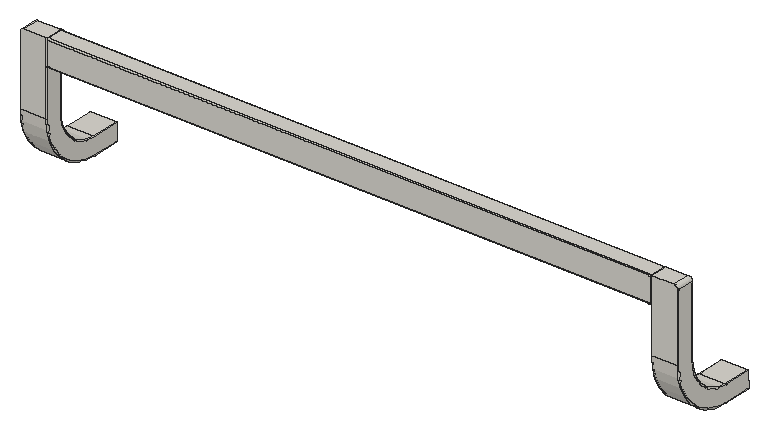
Revit family "Accessory-Towel_Bar-KOHLER-Loure-K-11580", category Specialty Equipment, host Face, Revit 2015
Parameters (values of type "SN-Vibrant Polished Nickel")
  Width = 2 1/2"  # constant formula
  WaterSense Certified = 1 = 0  # no
  URL = "https://www.us.kohler.com/us/"
  Type = 2
  Product Page URL = "http://www.us.kohler.com/us/catalog/productDetails.jsp?productNumber=11580"
  Product Name = "Loure"  # constant formula
  Product Documentation Link = "https://www.us.kohler.com/webassets/kpna/catalog/pdf/en/K-11580_spec.pdf"
  Model = if(Type = 1, "K-11580-CP", if(Type = 2, "K-11580-SN", if(Type = 3, "K-11580-BN", "NA")))  # "K-11580-SN"
  Material = "Premium Metal Construction"  # constant formula
  MasterFormat 2004 = "10.28.13"  # constant formula
  MasterFormat 1995 = "10820"  # constant formula
  Manufacturer Address = "444 Highland Dr, Kohler, WI 53044"  # constant formula
  Manufacturer = "KOHLER Co."  # constant formula
  Length = 18 3/4"  # constant formula
  Height = 3 3/4"  # constant formula
  Finish = Kohler-Metal-SN-Vibrant_Polished_Nickel
  Environmental Product Declaration = ""
  Description = "18 inch towel bar"  # constant formula
  Default Elevation = 42"
  Declare Label = ""
  Date Modified = "04/16/2019"  # constant formula
  Date Created = "04/16/2019"  # constant formula
  Copyright = "Copyright KOHLER Co."  # constant formula
  Contact Us = "https://www.us.kohler.com/us/static/contact.jsp"
  Assembly Code = "C1030200"
  ADA Compliant = 1 = 0  # no
Types (4): name | Type | Model | Finish
  (no name) | 2 | "K-11580-SN" | Kohler-Metal-SN-Vibrant_Polished_Nickel
  CP-Polished Chrome | 1 | "K-11580-CP" | Kohler-Metal-CP-Polished_Chrome
  SN-Vibrant Polished Nickel | 2 | "K-11580-SN" | Kohler-Metal-SN-Vibrant_Polished_Nickel
  BN-Vibrant Brushed Nickel | 3 | "K-11580-BN" | Kohler-Metal-BN-Vibrant_Brushed_Nickel
Reference planes (in)
  plane 1 "Center (Front/Back)": y = 0
  plane 2: z = 0
  plane 3 "Center (Left/Right)": x = 0
  plane 4: y = 2.5
  plane 5: x = -9.375
  plane 6: x = 9.375
  plane 7: x = 9
  plane 8: x = -9
  plane 9: z = 3.75
Dimensions and locks (in)
  "Length": plane 5 to plane 6
  locked: plane 8 to plane 7 at 18
  "Width": plane 4 to plane 1 "Center (Front/Back)"
  "Height": plane 9 to plane 2
  aligned and locked: plane 2 to host face
  aligned and locked: level to host face
Automatic sketch dimensions
  host sketch curve to host sketch curve = 96"  (x2)
Nested families (in)
  nested 1: "K-11580" at (0, 0, 0), type "K-11580"
Definition of nested family "K-11580"
  Parameters (values of type "K-11580")
    Material = none
  Reference planes (in)
    plane 1 "Center (Front/Back)": y = 0
    plane 2: z = 0
    plane 3 "Center (Left/Right)": x = 0
    plane 4: z = 3.75
    plane 5: x = -9.375
    plane 6: y = 2.5
    plane 7: x = -9
    plane 8: x = 9
    plane 9: x = 9.375
  Forms (in)
    Sweep 1, solid, material <- "Material", detail levels medium+fine
      path origin (0, 0, 0) x (0, 1, 0) y (0, 0, 1)
        loop
          line (2.5, 0.25197) -> (1.69291, 0.25197)
          arc (1.69291, 0.25197) -> (0.67401, 0.67401) -> (0.25197, 1.69291) r 1.44094
          line (0.25197, 1.69291) -> (0.25197, 3.75)
      profile origin (0, 2.09646, 0.25197) x (0, 0, -1) y (1, 0, 0)
        loop
          line (-0.25195, -8.62817) -> (-0.25195, -9.35439)
          arc (-0.25195, -9.35439) -> (-0.24598, -9.36881) -> (-0.23155, -9.37479) r 0.0204
          line (-0.23155, -9.37479) -> (0.23138, -9.37479)
          arc (0.23138, -9.37479) -> (0.24594, -9.36876) -> (0.25197, -9.3542) r 0.02059
          line (0.25197, -9.3542) -> (0.25197, -8.6273)
          arc (0.25197, -8.6273) -> (0.24613, -8.61321) -> (0.23203, -8.60737) r 0.01994
          line (0.23203, -8.60737) -> (-0.23115, -8.60737)
          arc (-0.23115, -8.60737) -> (-0.24586, -8.61346) -> (-0.25195, -8.62817) r 0.0208
    Extrusion 2, void
      sketch origin (3.03793, 0, -0.0187) x (1, 0, 0) y (0, 0, 1)
        loop
          line (-12.29565, 3.7687) -> (-12.29565, 3.85254) -> (-12.52025, 3.85254) -> (-12.52025, 3.65163) -> (-12.41272, 3.65163)
          arc (-12.41272, 3.65163) -> (-12.37843, 3.73441) -> (-12.29565, 3.7687) r 0.11707
      from -0.5823 to 0.0472
    Sweep 3, solid, material <- "Material", detail levels medium+fine
      path origin (0, 0, 0) x (1, 0, 0) y (0, 1, 0)
        loop
          line (-8.60937, 0.25156) -> (8.60938, 0.25156)
      profile origin (0, 0.25156, 0) x (0, 1, 0) y (0, 0, 1)
        loop
          arc (0.22236, 3) -> (0.24358, 3.00879) -> (0.25236, 3.03) r 0.03
          line (0.25236, 3.03) -> (0.25236, 3.72)
          arc (0.25236, 3.72) -> (0.24358, 3.74121) -> (0.22236, 3.75) r 0.03
          line (0.22236, 3.75) -> (-0.22156, 3.75)
          arc (-0.22156, 3.75) -> (-0.24277, 3.74121) -> (-0.25156, 3.72) r 0.03
          line (-0.25156, 3.72) -> (-0.25156, 3.03)
          arc (-0.25156, 3.03) -> (-0.24277, 3.00879) -> (-0.22156, 3) r 0.03
          line (-0.22156, 3) -> (0.22236, 3)
    Sweep 4, solid, material <- "Material", detail levels medium+fine
      path origin (-3, 0, 0) x (0, 1, 0) y (0, 0, -1)
        loop
          line (2.5, -0.25197) -> (1.69291, -0.25197)
          arc (1.69291, -0.25197) -> (0.67401, -0.67401) -> (0.25197, -1.69291) r 1.44094
          line (0.25197, -1.69291) -> (0.25197, -3.75)
      profile origin (-3, 2.09646, 0.25197) x (0, 0, 1) y (-1, 0, 0)
        loop
          arc (0.25195, -11.62817) -> (0.24586, -11.61346) -> (0.23115, -11.60737) r 0.0208
          line (0.23115, -11.60737) -> (-0.23203, -11.60737)
          arc (-0.23203, -11.60737) -> (-0.24613, -11.61321) -> (-0.25197, -11.6273) r 0.01994
          line (-0.25197, -11.6273) -> (-0.25197, -12.3542)
          arc (-0.25197, -12.3542) -> (-0.24594, -12.36876) -> (-0.23138, -12.37479) r 0.02059
          line (-0.23138, -12.37479) -> (0.23155, -12.37479)
          arc (0.23155, -12.37479) -> (0.24598, -12.36881) -> (0.25195, -12.35439) r 0.0204
          line (0.25195, -12.35439) -> (0.25195, -11.62817)
    Extrusion 5, void
      sketch origin (-3.03793, 0, -0.0187) x (-1, 0, 0) y (0, 0, -1)
        loop
          arc (-12.29565, -3.7687) -> (-12.37843, -3.73441) -> (-12.41272, -3.65163) r 0.11707
          line (-12.41272, -3.65163) -> (-12.52025, -3.65163) -> (-12.52025, -3.85254) -> (-12.29565, -3.85254) -> (-12.29565, -3.7687)
      from -0.5823 to 0.0472
    Sweep 6, solid, material <- "Material", detail levels coarse
      path origin (-3, 0, 0) x (0, 1, 0) y (0, 0, -1)
        loop
          line (2.5, -0.25197) -> (1.69291, -0.25197)
          arc (1.69291, -0.25197) -> (0.67401, -0.67401) -> (0.25197, -1.69291) r 1.44094
          line (0.25197, -1.69291) -> (0.25197, -3.75)
      profile origin (-3, 2.09646, 0.25197) x (0, 0, 1) y (-1, 0, 0)
        loop
          line (0.25195, -11.60737) -> (-0.25197, -11.60737) -> (-0.25197, -12.37479) -> (0.25195, -12.37479) -> (0.25195, -11.60737)
    Extrusion 7, solid, material <- "Material", detail levels coarse
      sketch origin (0, 0, 0) x (0, 1, 0) y (0, 0, 1)
        loop
          line (0.50392, 3) -> (0.50392, 3.75) -> (0, 3.75) -> (0, 3) -> (0.50392, 3)
      from -8.60938 to 8.61933
    Sweep 8, solid, material <- "Material", detail levels coarse
      path origin (3, 0, 0) x (0, 1, 0) y (0, 0, 1)
        loop
          line (2.5, 0.25197) -> (1.69291, 0.25197)
          arc (1.69291, 0.25197) -> (0.67401, 0.67401) -> (0.25197, 1.69291) r 1.44094
          line (0.25197, 1.69291) -> (0.25197, 3.75)
      profile origin (3, 2.09646, 0.25197) x (0, 0, -1) y (1, 0, 0)
        loop
          line (-0.25195, -11.60737) -> (-0.25195, -12.37479) -> (0.25197, -12.37479) -> (0.25197, -11.60737) -> (-0.25195, -11.60737)
  Cuts and joins
    Extrusion 2, Extrusion 5 cuts Sweep 1
    Extrusion 5 cuts Sweep 4
    joined: Sweep 1, Sweep 4
    joined: Sweep 6, Extrusion 7, Sweep 8
  Lines and regions (in)
    Masking region 1
      outline origin (0, 0, 0) x (1, 0, 0) y (0, 0, 1)
        loop
          arc (-9.25772, 3.75) -> (-9.3405, 3.71571) -> (-9.375, 3.63293) r 0.11707
          line (-9.375, 3.63293) -> (-9.37479, 0.02059)
          arc (-9.37479, 0.02059) -> (-9.36876, 0.00603) -> (-9.3542, 0) r 0.02059
          line (-9.3542, 0) -> (-8.6458, 0)
          arc (-8.6458, 0) -> (-8.63124, 0.00603) -> (-8.625, 0.02059) r 0.02059
          line (-8.625, 0.02059) -> (-8.625, 3) -> (8.625, 3) -> (8.62521, 0.02059)
          arc (8.62521, 0.02059) -> (8.63124, 0.00603) -> (8.6458, 0) r 0.02059
          line (8.6458, 0) -> (9.3542, 0)
          arc (9.3542, 0) -> (9.36876, 0.00603) -> (9.375, 0.02059) r 0.02059
          line (9.375, 0.02059) -> (9.37479, 3.63293)
          arc (9.37479, 3.63293) -> (9.3405, 3.71571) -> (9.25772, 3.75) r 0.11707
          line (9.25772, 3.75) -> (-9.25772, 3.75)
    Masking region 2
      outline origin (0, 0, 0) x (0, 1, 0) y (0, 0, 1)
        loop
          line (2.5, 0) -> (2.5, 0.50394) -> (1.69192, 0.50394)
          arc (1.69192, 0.50394) -> (0.85189, 0.85189) -> (0.50394, 1.69192) r 1.18798
          line (0.50394, 1.69192) -> (0.50394, 3.75) -> (0, 3.75) -> (0, 1.69145)
          arc (0, 1.69145) -> (0.49541, 0.49541) -> (1.69145, 0) r 1.69145
          line (1.69145, 0) -> (2.5, 0)
    Masking region 3
      outline origin (0, 0, 0) x (1, 0, 0) y (0, 1, 0)
        loop
          arc (-9.375, 0.02059) -> (-9.36876, 0.00603) -> (-9.3542, 0) r 0.02059
          line (-9.3542, 0) -> (9.3542, 0)
          arc (9.3542, 0) -> (9.36876, 0.00603) -> (9.375, 0.02059) r 0.02059
          line (9.375, 0.02059) -> (9.375, 2.5) -> (8.625, 2.5) -> (8.625, 0.50392) -> (-8.625, 0.50392) -> (-8.625, 2.5) -> (-9.375, 2.5) -> (-9.375, 0.02059)
    symbolic lines, detail levels medium+fine
      curve 1: arc (-9.37479, 0.48352, 0) -> (-9.36881, 0.49795, 0) -> (-9.35439, 0.50392, 0) r 0.0204
      curve 2: line (-8.6438, 0.50392, 0) -> (-9.35439, 0.50392, 0)
      curve 3: arc (-8.6438, 0.50392, 0) -> (-8.63268, 0.5007, 0) -> (-8.625, 0.49203, 0) r 0.0208
      curve 4: arc (-8.625, 0.01122, 0) -> (-8.63235, 0.00304, 0) -> (-8.64293, 0, 0) r 0.01994
      curve 5: line (-8.625, 0.01122, 0) -> (-8.625, 0.50392, 0)
      curve 6: arc (9.37479, 0.48352, 0) -> (9.36881, 0.49795, 0) -> (9.35439, 0.50392, 0) r 0.0204
      curve 7: line (8.6438, 0.50392, 0) -> (9.35439, 0.50392, 0)
      curve 8: arc (8.6438, 0.50392, 0) -> (8.63268, 0.5007, 0) -> (8.625, 0.49203, 0) r 0.0208
      curve 9: arc (8.625, 0.01122, 0) -> (8.63235, 0.00304, 0) -> (8.64293, 0, 0) r 0.01994
      curve 10: line (8.625, 0.01122, 0) -> (8.625, 0.50392, 0)
      curve 11: line (8.625, 0, 3) -> (8.625, 0, 3.75)
      curve 12: arc (9.35439, 0, 0.50392) -> (9.36881, 0, 0.49795) -> (9.37479, 0, 0.48352) r 0.0204
      curve 13: line (9.35439, 0, 0.50392) -> (8.6458, 0, 0.50392)
      curve 14: arc (8.625, 0, 0.48312) -> (8.63109, 0, 0.49783) -> (8.6458, 0, 0.50392) r 0.0208
      curve 15: line (-8.625, 0, 3) -> (-8.625, 0, 3.75)
      curve 16: arc (-9.35439, 0, 0.50392) -> (-9.36881, 0, 0.49795) -> (-9.37479, 0, 0.48352) r 0.0204
      curve 17: line (-9.35439, 0, 0.50392) -> (-8.6458, 0, 0.50392)
      curve 18: arc (-8.625, 0, 0.48312) -> (-8.63109, 0, 0.49783) -> (-8.6458, 0, 0.50392) r 0.0208
  Dimensions and locks (in)
    aligned and locked: plane 2 to level
